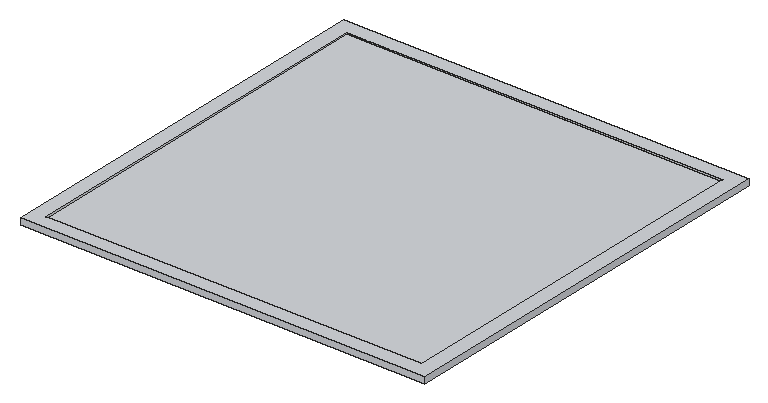
Revit family "595x595_START Panel Backlit UGR19 - Copy - Copy - Copy", category Lighting Fixtures, host Face, Revit 2017
Family settings
  Host = Face
  Round Connector Dimension = Use Diameter
  Part Type = Normal
  OmniClass Number = 23.80.70.00
  OmniClass Title = Lighting
  Cut with Voids When Loaded = No
  Light Source = Yes
  Shared = No
  Room Calculation Point = No
Parameters (values of type "0042234")
  Weight = "119.34 kg"
  Wattage Comments = ""
  Wattage = 34 W
  WarrantyStartDate [instance] = "n/a"
  WarrantyGuarantorParts = "n/a"
  WarrantyDurationUnit = "n/a"
  WarrantyDurationParts = "n/a"
  WarrantyDescription = "n/a"
  WIDTH_SYL = 297.5 mm
  built-in parameter 1150110 = 1 (stored number, unit not read)
  Voltage = 0 V
  URL = "http://www.sylvania-lighting.com"
  TypeName = "0042234 ST PANEL 600X600 HE 4100LM 830 LILO"
  Type Image = <None>
  Type Comments = "n/a"
  built-in parameter 1114217 = 1 (stored number, unit not read)
  Tilt Angle = -90.00°
  built-in parameter 1150109 = 1 (stored number, unit not read)
  built-in parameter 1150134 = (empty or 0)
  TOPWIDTH_SYL = 245 mm
  built-in parameter 1150113 = 1 (stored number, unit not read)
  SerialNumber [instance] = "n/a"
  Photometric Web File = "0042234.ies"
  Material_3_SYL = none
  PowerFactor = 0.9
  PowerConsumption = "34 W"
  NominalLength = 595 mm
  NominalHeight = 35 mm
  NominalDepth = 595 mm
  Name = "START Panel 600x600 HE 4100Lm 830 LILO"
  ModelReference = Name  # "START Panel 600x600 HE 4100Lm 830 LILO"
  ModelNumber = "0042234"
  Model = Name  # "START Panel 600x600 HE 4100Lm 830 LILO"
  Material = "aluminium,steel housing, other diffuser"
  ManufacturerName = "Feilo Sylvania"
  Manufacturer = "Feilo Sylvania"
  MAINHEIGHT_SYL = 63 mm
  LuminousEfficacy = "121 lm/W"
  built-in parameter 1150105 = 327.38 (stored number, unit not read)
  Lumens = 4114 lm
  LuminaireType = ""
  built-in parameter 1150115 = 1 (stored number, unit not read)
  LightOutputRatio = ""
  built-in parameter 1150137 = (empty or 0)
  built-in parameter 1150139 = (empty or 0)
  LampsType = Lamp  # "LED"
  LampNominalLuminous = "4100 lm"
  LampMacAdamStep = "6"
  LampColourTemperature = "3000 K"
  LampColourRenderingIndex = "80"
  built-in parameter 1150112 = 1 (stored number, unit not read)
  built-in parameter 1150114 = 1 (stored number, unit not read)
  Lamp = "LED"
  LUMWIDTH_SYL = 276.5 mm
  LUMDEPTH_SYL = 276.5 mm
  Keynote = "16500"
  InstallationDate [instance] = "n/a"
  InputVoltage = ""
  InputNominalFrequency = ""
  built-in parameter 1150132 = (empty or 0)
  built-in parameter 1150102 = (empty or 0)
  built-in parameter 1150107 = 3000 (stored number, unit not read)
  built-in parameter 1150138 = (empty or 0)
  IngressProtection = "IP40/20"
  ImpactProtectionIndex = "IK03"
  built-in parameter 1150106 = 3.2738 (stored number, unit not read)
  IfcExportType = "IfcLightFixtureType"
  IfcExportAs = "IfcLightFixtureType"
  HEIGHT_SYL = 33 mm
  HEIGHTBOTT_SYL = 7 mm
  Emit from Circle Diameter = 609.6 mm
  Emit Shape Visible in Rendering = no
  ElectricShockClassification = "Class II"
  built-in parameter 1150104 = 11.241 (stored number, unit not read)
  DocumentationLiterature = "http://www.sylvania-lighting.com/product/en-int/products/0042234"
  DimmingControlOptions = "n/a"
  Material_2_SYL = none
  Dimming Lamp Color Temperature Shift = <None>
  Description = ""
  Default Elevation = 1219.2 mm
  DEPTH_SYL = 297.5 mm
  CreatedOn = "7/3/2020"
  CreatedBy = "@sylvania-lighting.com"
  Cost = 0
  Color Filter = 16777215
  built-in parameter 1114216 [instance] = (empty or 0)
  ClassificationValue = "EF_70_80"
  ClassificationName = "Uniclass2015"
  Material_1_SYL = none
  BarCode [instance] = "n/a"
  built-in parameter 1114218 = 1 (stored number, unit not read)
  BOX_WIDTH_SYL = 40 mm
  built-in parameter 1150133 = 10 (stored number, unit not read)
  AssetType = "Fixed"
  AssetIdentifier [instance] = "n/a"
  Assembly Code = "D5020200"
  Apparent Load = 34 VA
  Material_4_SYL = none
  -LUMDEPTH_SYL = LUMDEPTH_SYL * (-1)  # -276.5 mm
Reference planes
  plane 1 "Center (Front/Back)": y = 0
  plane 2: z = 0
  plane 3 "Center (Left/Right)": x = 0
  plane 4: x = -297.5
  plane 5: x = 297.5
  plane 6: y = 297.5
  plane 7: y = -297.5
  plane 8: x = 276.5
  plane 9: x = -276.5
  plane 10: y = 276.5
  plane 11: y = -276.5
  plane 12: z = -33
  plane 13: z = -7
  plane 14: x = -245
  plane 15: x = 245
  plane 16: y = -245
  plane 17: y = 245
  plane 18: y = 276.5
  plane 19: y = -276.5
  plane 20: z = -63
  plane 21: x = -40
  plane 22: x = 40
Forms (mm)
  Extrusion 1, solid
    sketch origin (0, 0, 0) x (1, 0, 0) y (0, 1, 0)
      loop
        line (-297.5, 297.5) -> (-297.5, -297.5) -> (297.5, -297.5) -> (297.5, 297.5) -> (-297.5, 297.5)
    from -7 to 2
  Extrusion 2, void
    sketch origin (0, 0, 0) x (1, 0, 0) y (0, 1, 0)
      loop
        line (-276.5, 276.5) -> (-276.5, -276.5) -> (276.5, -276.5) -> (276.5, 276.5) -> (-276.5, 276.5)
    from 0 to 10
  Extrusion 3, solid
    sketch origin (0, 0, 0) x (1, 0, 0) y (0, 0, 1)
      loop
        line (-276.5, -7) -> (-245, -33) -> (245, -33) -> (276.5, -7) -> (-276.5, -7)
    from -276.5 <- "-LUMDEPTH_SYL" to 276.5 <- "LUMDEPTH_SYL"
  Extrusion 4, void
    sketch origin (319, 1524, 1219.2) x (0, 1, 0) y (0, 0, 1)
      loop
        line (-1279, -1252.2) -> (-1247.5, -1252.2) -> (-1247.5, -1226.2) -> (-1279, -1252.2)
      loop
        line (-1800.5, -1226.2) -> (-1800.5, -1252.2) -> (-1769, -1252.2) -> (-1800.5, -1226.2)
    from -1000 to 1000
  Extrusion 5, solid
    sketch origin (0, 0, 0) x (1, 0, 0) y (0, 0, 1)
      loop
        line (-40, -33) -> (-40, -63) -> (40, -63) -> (40, -33) -> (-40, -33)
    from -40 to 40
Cuts and joins
  Extrusion 2 cuts Extrusion 1
  Extrusion 4 cuts Extrusion 3
Dimensions and locks
  "WIDTH_SYL": plane 4 to plane 3 "Center (Left/Right)" to plane 5
  "DEPTH_SYL": plane 7 to plane 1 "Center (Front/Back)" to plane 6
  "LUMWIDTH_SYL": plane 9 to plane 3 "Center (Left/Right)" to plane 8
  "LUMDEPTH_SYL": plane 11 to plane 1 "Center (Front/Back)" to plane 10
  "HEIGHT_SYL": host face to plane 12
  "HEIGHTBOTT_SYL": host face to plane 13
  "TOPWIDTH_SYL": plane 14 to imposter light to plane 15
  "TOPWIDTH_SYL": plane 17 to imposter light to plane 16
  "LUMWIDTH_SYL": plane 18 to imposter light to plane 19
  "MAINHEIGHT_SYL": host face to plane 20
  "BOX_WIDTH_SYL": plane 21 to imposter light to plane 22
  Extrusion 5 sketch curve to Extrusion 5 sketch curve to plane 13 = 30 mm, 26 mm
  aligned and locked: plane 2 to host face
  aligned and locked: level to host face
  aligned and locked: plane 6 to Extrusion 1 sketch curve
  aligned and locked: plane 4 to Extrusion 1 sketch curve
  aligned and locked: Extrusion 1 sketch curve to plane 7
  aligned and locked: Extrusion 1 sketch curve to plane 5
  aligned and locked: plane 10 to Extrusion 2 sketch curve
  aligned and locked: Extrusion 2 sketch curve to plane 9
  aligned and locked: Extrusion 2 sketch curve to plane 11
  aligned and locked: plane 8 to Extrusion 2 sketch curve
  aligned and locked: Extrusion 5 sketch curve to plane 21
  aligned and locked: plane 22 to Extrusion 5 sketch curve
Automatic sketch dimensions
  host sketch curve to host sketch curve = 2438.4 mm  (x2)
  plane 9 to Extrusion 3 sketch curve = 0 mm
  Extrusion 3 sketch curve to plane 12 = 0 mm
  plane 14 to Extrusion 3 sketch curve = 0 mm
  plane 15 to Extrusion 3 sketch curve = 0 mm
  plane 8 to Extrusion 3 sketch curve = 0 mm
  Extrusion 3 sketch curve to plane 13 = 0 mm
  Extrusion 4 sketch curve to plane 11 = 0 mm
  plane 12 to Extrusion 4 sketch curve = 0 mm  (x2)
  Extrusion 4 sketch curve to plane 16 = 0 mm
  Extrusion 4 sketch curve to plane 17 = 0 mm
  Extrusion 4 sketch curve to plane 10 = 0 mm
  plane 13 to Extrusion 4 sketch curve = 0 mm  (x2)
